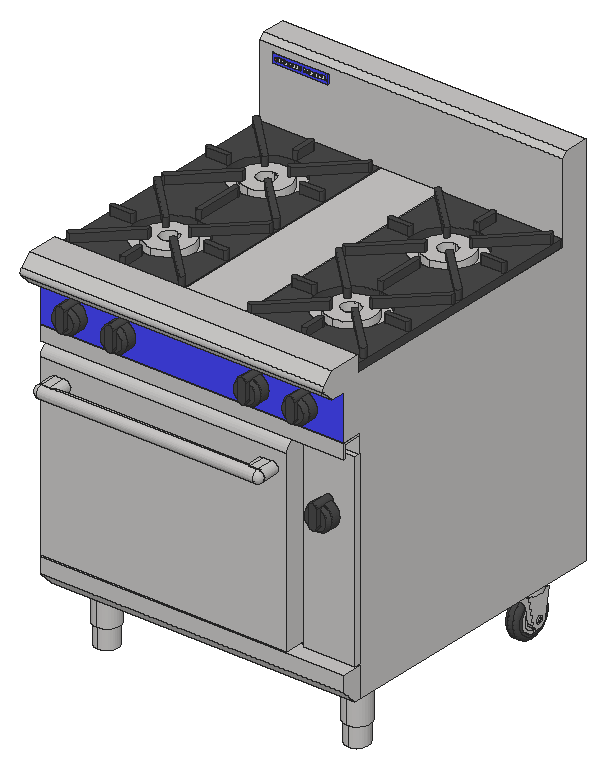
Revit family "QF_MOFFAT_BLUESEAL_CE_G54D", category Specialty Equipment, Revit 2012 (continued)
Lines and regions (mm)
  symbolic lines
    curve 139: arc (600, -180.5, 150) -> (543, -237.5, 150) -> (600, -294.5, 150) r 57
    curve 140: arc (600, -294.5, 150) -> (657, -237.5, 150) -> (600, -180.5, 150) r 57
    curve 141: arc (600, -259.5, 150) -> (578, -237.5, 150) -> (600, -215.5, 150) r 22
    curve 142: arc (600, -215.5, 150) -> (622, -237.5, 150) -> (600, -259.5, 150) r 22
    curve 143: line (149.988, -331.778, 0) -> (149.988, -448.358, 0)
    curve 144: line (150.034, -681.268, 0) -> (150.034, -628.558, 0)
    curve 145: line (9.26, -537.634, 0) -> (59.26, -537.634, 0)
    curve 146: line (178.593, -512.407, 0) -> (291.73, -399.27, 0)
    curve 147: line (291.767, -537.634, 0) -> (240.041, -537.634, 0)
    curve 148: arc (150, -480.5, 150) -> (207, -537.5, 150) -> (150, -594.5, 150) r 57
    curve 149: arc (150, -594.5, 150) -> (93, -537.5, 150) -> (150, -480.5, 150) r 57
    curve 150: arc (150, -622.768, 150) -> (235, -537.768, 150) -> (150, -452.768, 150) r 85
    curve 151: arc (150, -452.768, 150) -> (65, -537.768, 150) -> (150, -622.768, 150) r 85
    curve 152: arc (150, -515.5, 150) -> (128, -537.5, 150) -> (150, -559.5, 150) r 22
    curve 153: arc (150, -559.5, 150) -> (172, -537.5, 150) -> (150, -515.5, 150) r 22
    curve 154: line (121.407, -512.407, 0) -> (8.27, -399.27, 0)
    curve 155: line (178.593, -562.593, 0) -> (291.73, -675.73, 0)
    curve 156: line (121.407, -562.593, 0) -> (8.27, -675.73, 0)
    curve 157: line (150.034, -96.281, 0) -> (150.034, -149.16, 0)
    curve 158: line (178.593, -269.593, 0) -> (291.73, -382.73, 0)
    curve 159: line (121.407, -269.593, 0) -> (8.27, -382.73, 0)
    curve 160: line (9.26, -241, 0) -> (59.26, -241, 0)
    curve 161: line (291.767, -241, 0) -> (240.041, -241, 0)
    curve 162: arc (150, -322.5, 150) -> (235, -237.5, 150) -> (150, -152.5, 150) r 85
    curve 163: arc (150, -152.5, 150) -> (65, -237.5, 150) -> (150, -322.5, 150) r 85
    curve 164: arc (150, -180.5, 150) -> (207, -237.5, 150) -> (150, -294.5, 150) r 57
    curve 165: arc (150, -294.5, 150) -> (93, -237.5, 150) -> (150, -180.5, 150) r 57
    curve 166: arc (150, -259.5, 150) -> (172, -237.5, 150) -> (150, -215.5, 150) r 22
    curve 167: arc (150, -215.5, 150) -> (128, -237.5, 150) -> (150, -259.5, 150) r 22
    curve 168: line (178.593, -205.407, 0) -> (291.73, -92.27, 0)
    curve 169: line (121.407, -205.407, 0) -> (8.27, -92.27, 0)
    curve 170: line (32.794, -18.385, 150) -> (260.753, -18.385, 150)
    curve 171: arc (260.753, -18.385, 150) -> (265.753, -19.725, 150) -> (269.413, -23.385, 150) r 10
    curve 172: line (269.413, -23.385, 150) -> (273.455, -30.385, 150)
    curve 173: arc (273.455, -30.385, 150) -> (273.455, -40.385, 150) -> (264.794, -45.385, 150) r 10
    curve 174: line (264.794, -45.385, 150) -> (36.836, -45.385, 150)
    curve 175: arc (36.836, -45.385, 150) -> (31.836, -44.045, 150) -> (28.176, -40.385, 150) r 10
    curve 176: line (28.176, -40.385, 150) -> (24.134, -33.385, 150)
    curve 177: arc (24.134, -33.385, 150) -> (24.134, -23.385, 150) -> (32.794, -18.385, 150) r 10
    curve 178: line (710.753, -18.385, 150) -> (482.794, -18.385, 150)
    curve 179: arc (482.794, -18.385, 150) -> (474.134, -23.385, 150) -> (474.134, -33.385, 150) r 10
    curve 180: line (474.134, -33.385, 150) -> (478.176, -40.385, 150)
    curve 181: arc (478.176, -40.385, 150) -> (481.836, -44.045, 150) -> (486.836, -45.385, 150) r 10
    curve 182: line (486.836, -45.385, 150) -> (714.794, -45.385, 150)
    curve 183: arc (714.794, -45.385, 150) -> (723.455, -40.385, 150) -> (723.455, -30.385, 150) r 10
    curve 184: line (723.455, -30.385, 150) -> (719.413, -23.385, 150)
    curve 185: arc (719.413, -23.385, 150) -> (715.753, -19.725, 150) -> (710.753, -18.385, 150) r 10
    curve 186: line (0, -783.97, 150) -> (750, -783.97, 150)
    curve 187: line (0, -57.5, 150) -> (750, -57.5, 150)
  symbolic lines, style "QF_Door-Drawer Clearances", visible <- "Show Clearance"
    curve 116: line (0, -812, 0) -> (0, -1211.516, 0)
    curve 117: line (0, -1211.516, 0) -> (610, -1211.516, 0)
    curve 118: line (610, -1211.516, 0) -> (610, -812, 0)
Dimensions and locks
  equal spacing: plane 3 "LEFT", plane 7 "Center Y", plane 4 "RIGHT"
  "Width": plane 3 "LEFT" to plane 4 "RIGHT"
  equal spacing: plane 5 "FRONT", plane 8 "Center X", plane 1 "BACK"
  "Depth": plane 5 "FRONT" to plane 1 "BACK"
  equal spacing: plane 4 "RIGHT", plane 7 "Center Y", plane 3 "LEFT"
  plane 4 "RIGHT" to plane 3 "LEFT" = 750 mm
  plane 6 "TOP" to level = 970 mm  (x2)
  Extrusion 2 to level = 655 mm
  Extrusion 2 to plane 1 "BACK" = 32 mm
  plane 5 "FRONT" to plane 1 "BACK" = 812 mm
  Extrusion 1 to level = 915 mm
  plane 10 "Base Height" to level = 150 mm
  plane 6 "TOP" to plane 2 = 970 mm
  locked: plane 2 to Extrusion 1 sketch curve at 875
  locked: plane 2 to Extrusion 1 sketch curve at 915
  Extrusion 4 sketch curve to plane 11 = 64.8 mm
  locked: plane 13 to plane 4 "RIGHT" at 65
  plane 14 to Extrusion 9 sketch curve = 64.8 mm
  plane 1 "BACK" to plane 15 = 500 mm
  plane 17 to level = 1085 mm
  Extrusion 29 sketch curve to plane 1 "BACK" = 501 mm
  Extrusion 29 sketch curve to plane 4 "RIGHT" = 74 mm
  "Height": plane 17 to level
  Revolve 33 sketch curve to Revolve 33 sketch curve = 50.8 mm
  Revolve 37 sketch curve to Revolve 37 sketch curve = 50.8 mm
  aligned and locked: level to plane 2
  aligned and locked: curve 3 to plane 4 "RIGHT"
  aligned and locked: Extrusion 4 to curve 7
  aligned and locked: Extrusion 1 to plane 4 "RIGHT"
  aligned and locked: Revolve 6 to plane 13  (x5)
  aligned and locked: Extrusion 7 to Extrusion 4
Automatic sketch dimensions
  plane 12 to Extrusion 2 sketch curve = 0.062 mm
  plane 1 "BACK" to Extrusion 2 sketch curve = 32 mm
  Revolve 3 sketch curve to plane 10 "Base Height" = 0 mm
  Revolve 3 sketch curve to level = 0 mm
  level to Revolve 3 sketch curve = 50 mm
  Revolve 3 sketch curve to plane 5 "FRONT" = 155.25 mm
  Revolve 3 sketch curve to Revolve 3 sketch curve = 4.25 mm
  Revolve 3 sketch curve to Revolve 3 sketch curve = 27.5 mm  (x2)
  Revolve 3 sketch curve to Revolve 3 sketch curve = 55 mm
  Revolve 3 sketch curve to Revolve 3 sketch curve = 0 mm
  Revolve 6 sketch curve to plane 10 "Base Height" = 0 mm
  Revolve 6 sketch curve to level = 0 mm
  level to Revolve 6 sketch curve = 50 mm
  Revolve 6 sketch curve to plane 5 "FRONT" = 155.25 mm
  Revolve 6 sketch curve to Revolve 6 sketch curve = 4.25 mm
  Revolve 6 sketch curve to Revolve 6 sketch curve = 27.5 mm  (x2)
  Revolve 6 sketch curve to Revolve 6 sketch curve = 0 mm
  Revolve 6 sketch curve to Revolve 6 sketch curve = 55 mm
  plane 12 to Extrusion 8 sketch curve = 5 mm
  Extrusion 8 sketch curve to plane 6 "TOP" = 277.5 mm
  Extrusion 8 sketch curve to plane 12 = 10 mm
  plane 10 "Base Height" to Extrusion 8 sketch curve = 77.5 mm
  Revolve 10 sketch curve to plane 5 "FRONT" = 63 mm
  Revolve 10 sketch curve to Revolve 10 sketch curve = 10 mm
  Revolve 10 sketch curve to Revolve 10 sketch curve = 21.3 mm
  Revolve 10 sketch curve to Revolve 10 sketch curve = 23 mm
  Revolve 10 sketch curve to plane 5 "FRONT" = 19 mm
  Revolve 10 sketch curve to Revolve 10 sketch curve = 0 mm  (x2)
  Revolve 10 sketch curve to plane 6 "TOP" = 174 mm
  Revolve 10 sketch curve to Revolve 10 sketch curve = 5 mm
  Revolve 10 sketch curve to Revolve 10 sketch curve = 26.651 mm
  Revolve 10 sketch curve to Revolve 10 sketch curve = 5.849 mm
  Revolve 11 sketch curve to plane 5 "FRONT" = 19 mm
  Revolve 11 sketch curve to Revolve 11 sketch curve = 0 mm  (x2)
  Revolve 11 sketch curve to Revolve 11 sketch curve = 11 mm
  Revolve 11 sketch curve to Revolve 11 sketch curve = 12.7 mm
  Revolve 11 sketch curve to Revolve 11 sketch curve = 23 mm
  Revolve 11 sketch curve to Revolve 11 sketch curve = 10 mm
  Revolve 11 sketch curve to plane 6 "TOP" = 141.732 mm
  Revolve 11 sketch curve to Revolve 11 sketch curve = 5.849 mm
  Revolve 11 sketch curve to Revolve 11 sketch curve = 27.5 mm
  Revolve 11 sketch curve to Revolve 11 sketch curve = 5 mm
  plane 3 "LEFT" to Extrusion 12 sketch curve = 100 mm
  Extrusion 12 sketch curve to Extrusion 12 sketch curve = 10 mm
  Extrusion 12 sketch curve to plane 6 "TOP" = 147.105 mm
  Extrusion 12 sketch curve to Extrusion 12 sketch curve = 39 mm
  Extrusion 13 sketch curve to plane 7 "Center Y" = 153.818 mm
  Extrusion 13 sketch curve to Extrusion 13 sketch curve = 10 mm
  Extrusion 13 sketch curve to plane 6 "TOP" = 147.105 mm
  Extrusion 13 sketch curve to Extrusion 13 sketch curve = 39 mm
  Revolve 14 sketch curve to plane 5 "FRONT" = 63 mm
  Revolve 14 sketch curve to Revolve 14 sketch curve = 10 mm
  Revolve 14 sketch curve to Revolve 14 sketch curve = 21.3 mm
  Revolve 14 sketch curve to Revolve 14 sketch curve = 23 mm
  Revolve 14 sketch curve to plane 5 "FRONT" = 19 mm
  Revolve 14 sketch curve to Revolve 14 sketch curve = 0 mm  (x2)
  Revolve 14 sketch curve to plane 6 "TOP" = 141.5 mm
  Revolve 14 sketch curve to Revolve 14 sketch curve = 5.849 mm
  Revolve 14 sketch curve to Revolve 14 sketch curve = 27.5 mm
  Revolve 14 sketch curve to Revolve 14 sketch curve = 5 mm
  Revolve 15 sketch curve to plane 5 "FRONT" = 19 mm
  Revolve 15 sketch curve to Revolve 15 sketch curve = 0 mm  (x2)
  Revolve 15 sketch curve to Revolve 15 sketch curve = 11 mm
  Revolve 15 sketch curve to Revolve 15 sketch curve = 12.7 mm
  Revolve 15 sketch curve to Revolve 15 sketch curve = 23 mm
  Revolve 15 sketch curve to Revolve 15 sketch curve = 10 mm
  Revolve 15 sketch curve to plane 6 "TOP" = 174.232 mm
  Revolve 15 sketch curve to Revolve 15 sketch curve = 5 mm
  Revolve 15 sketch curve to Revolve 15 sketch curve = 26.651 mm
  Revolve 15 sketch curve to Revolve 15 sketch curve = 5.849 mm
  plane 16 to Extrusion 16 sketch curve = 26 mm
  Extrusion 16 sketch curve to Extrusion 16 sketch curve = 10 mm
  Extrusion 16 sketch curve to plane 6 "TOP" = 186.105 mm
  Extrusion 16 sketch curve to Extrusion 16 sketch curve = 39 mm
  Extrusion 17 sketch curve to plane 12 = 90 mm
  Extrusion 17 sketch curve to Extrusion 17 sketch curve = 10 mm
  Extrusion 17 sketch curve to plane 6 "TOP" = 186.105 mm
  Extrusion 17 sketch curve to Extrusion 17 sketch curve = 39 mm
  Revolve 18 sketch curve to plane 5 "FRONT" = 54.5 mm
  Revolve 18 sketch curve to Revolve 18 sketch curve = 0 mm  (x2)
  Revolve 18 sketch curve to Revolve 18 sketch curve = 11 mm
  Revolve 18 sketch curve to Revolve 18 sketch curve = 12.7 mm
  Revolve 18 sketch curve to Revolve 18 sketch curve = 23 mm
  Revolve 18 sketch curve to Revolve 18 sketch curve = 10 mm
  plane 10 "Base Height" to Revolve 18 sketch curve = 402.134 mm
  Revolve 18 sketch curve to Revolve 18 sketch curve = 5 mm
  Revolve 18 sketch curve to Revolve 18 sketch curve = 26.651 mm
  Revolve 18 sketch curve to Revolve 18 sketch curve = 5.849 mm
  Extrusion 19 sketch curve to plane 16 = 1.529 mm
  Extrusion 19 sketch curve to plane 13 = 2.529 mm
  plane 10 "Base Height" to Extrusion 19 sketch curve = 390.261 mm
  Extrusion 19 sketch curve to Extrusion 19 sketch curve = 39 mm
  Extrusion 20 sketch curve to plane 5 "FRONT" = 63 mm
  plane 10 "Base Height" to Extrusion 20 sketch curve = 77.5 mm
  plane 5 "FRONT" to Extrusion 20 sketch curve = 399.516 mm
  plane 13 to Extrusion 21 sketch curve = 4 mm
  Extrusion 21 sketch curve to plane 12 = 20 mm
  Extrusion 21 sketch curve to plane 12 = 68.5 mm
  Extrusion 21 sketch curve to plane 1 "BACK" = 30.24 mm
  plane 1 "BACK" to Extrusion 21 sketch curve = 38.76 mm
  plane 9 to Extrusion 21 sketch curve = 12.74 mm
  plane 3 "LEFT" to Extrusion 24 sketch curve = 58.528 mm
  Extrusion 24 sketch curve to plane 6 "TOP" = 361.875 mm  (x2)
  Extrusion 24 sketch curve to plane 12 = 67.243 mm
  Extrusion 24 sketch curve to Extrusion 24 sketch curve = 15 mm  (x2)
  Extrusion 24 sketch curve to Extrusion 24 sketch curve = 20.282 mm  (x2)
  Revolve 25 sketch curve to plane 3 "LEFT" = 6.961 mm
  plane 3 "LEFT" to Revolve 25 sketch curve = 23.246 mm
  Revolve 25 sketch curve to Revolve 25 sketch curve = 15 mm
  Revolve 25 sketch curve to plane 12 = 46.961 mm
  Revolve 25 sketch curve to Revolve 25 sketch curve = 0 mm  (x2)
  Revolve 25 sketch curve to plane 6 "TOP" = 346.875 mm
  Extrusion 26 sketch curve to plane 5 "FRONT" = 63 mm
  Extrusion 26 sketch curve to Extrusion 26 sketch curve = 26.195 mm
  Extrusion 26 sketch curve to Extrusion 26 sketch curve = 50 mm
  plane 10 "Base Height" to Extrusion 26 sketch curve = 77.5 mm
  Extrusion 26 sketch curve to plane 6 "TOP" = 303.695 mm
  Extrusion 27 sketch curve to plane 5 "FRONT" = 63 mm
  Extrusion 27 sketch curve to Extrusion 27 sketch curve = 3.02 mm
  Extrusion 27 sketch curve to Extrusion 27 sketch curve = 44.98 mm
  Extrusion 27 sketch curve to plane 6 "TOP" = 267 mm
  Extrusion 27 sketch curve to Extrusion 27 sketch curve = 32 mm
  Extrusion 27 sketch curve to Extrusion 27 sketch curve = 3 mm
  Extrusion 28 sketch curve to plane 5 "FRONT" = 63 mm
  plane 9 to Extrusion 9 sketch curve = 29 mm
  Extrusion 9 sketch curve to Extrusion 9 sketch curve = 3 mm  (x3)
  Extrusion 9 sketch curve to plane 12 = 20 mm  (x2)
  Extrusion 9 sketch curve to plane 9 = 137.5 mm
  Extrusion 9 sketch curve to plane 15 = 37.768 mm
  Extrusion 9 sketch curve to plane 5 "FRONT" = 110 mm  (x2)
  plane 7 "Center Y" to Extrusion 9 sketch curve = 78 mm
  plane 9 to Extrusion 4 sketch curve = 29 mm
  Extrusion 4 sketch curve to Extrusion 4 sketch curve = 3 mm  (x3)
  Extrusion 4 sketch curve to plane 9 = 137.5 mm
  Extrusion 4 sketch curve to plane 15 = 37.768 mm
  Extrusion 4 sketch curve to plane 5 "FRONT" = 110 mm  (x2)
  Extrusion 4 sketch curve to plane 11 = 84.2 mm  (x2)
  Extrusion 4 sketch curve to plane 7 "Center Y" = 78 mm
  curve 121 to curve 125 = 0 mm  (x2)
  curve 137 to curve 139 = 0 mm  (x2)
  curve 137 to curve 141 = 0 mm  (x2)
  curve 148 to curve 152 = 0 mm
  curve 149 to curve 153 = 0 mm
  curve 163 to curve 165 = 0 mm  (x2)
  curve 163 to curve 166 = 0 mm
  curve 163 to curve 167 = 0 mm
  curve 121 to plane 12 = 20 mm
  curve 123 to curve 121 = 0 mm
  curve 137 to plane 12 = 20 mm
  curve 148 to plane 15 = 37.5 mm
  plane 3 "LEFT" to curve 148 = 150 mm
  curve 150 to curve 148 = 0 mm
  plane 3 "LEFT" to curve 162 = 150 mm
  curve 126 to plane 15 = 37.5 mm
  curve 152 to plane 15 = 15.5 mm
  curve 125 to plane 15 = 15.5 mm
  plane 15 to curve 122 = 19.5 mm
  plane 15 to curve 149 = 19.5 mm
  curve 151 to curve 148 = 27.732 mm
  curve 124 to curve 121 = 27.732 mm
  plane 8 "Center X" to curve 163 = 83.5 mm
  plane 8 "Center X" to curve 137 = 83.5 mm
  curve 140 to curve 137 = 28 mm
  curve 164 to curve 162 = 28 mm
  curve 142 to curve 139 = 35 mm
  curve 166 to curve 164 = 35 mm
  curve 139 to curve 142 = 22 mm
  curve 164 to curve 166 = 22 mm
  curve 121 to curve 123 = 0.268 mm
  curve 148 to curve 151 = 0.268 mm
  plane 1 "BACK" to curve 1 = 0 mm
  curve 1 to plane 3 "LEFT" = 0 mm
  curve 34 to plane 7 "Center Y" = 0 mm
  curve 100 to plane 7 "Center Y" = 0 mm
  curve 46 to plane 7 "Center Y" = 0 mm
  curve 94 to plane 7 "Center Y" = 0 mm
  curve 29 to plane 7 "Center Y" = 0 mm
  curve 106 to plane 7 "Center Y" = 0 mm
  curve 52 to plane 7 "Center Y" = 0 mm
  curve 23 to plane 7 "Center Y" = 0 mm
  curve 89 to plane 7 "Center Y" = 0 mm
  curve 58 to plane 7 "Center Y" = 0 mm
  curve 40 to plane 7 "Center Y" = 0 mm
  curve 17 to plane 7 "Center Y" = 0 mm
  curve 11 to plane 7 "Center Y" = 0 mm
  curve 64 to plane 7 "Center Y" = 0 mm
  curve 83 to plane 7 "Center Y" = 0 mm
  curve 70 to plane 7 "Center Y" = 0 mm
  curve 76 to plane 7 "Center Y" = 0 mm
  plane 5 "FRONT" to curve 118 = 0 mm
  plane 3 "LEFT" to curve 156 = 8.27 mm
  plane 3 "LEFT" to curve 159 = 8.27 mm
  plane 3 "LEFT" to curve 169 = 8.27 mm
  plane 3 "LEFT" to curve 154 = 8.27 mm
  plane 3 "LEFT" to curve 160 = 9.26 mm
  plane 3 "LEFT" to curve 145 = 9.26 mm
  curve 145 to curve 145 = 50 mm
  curve 160 to curve 160 = 50 mm
  curve 145 to curve 156 = 62.147 mm
  curve 160 to curve 159 = 62.147 mm
  curve 169 to curve 159 = 0 mm
  curve 154 to plane 15 = 12.407 mm
  curve 154 to curve 156 = 0 mm
  curve 154 to curve 143 = 28.581 mm
  curve 156 to curve 144 = 28.628 mm
  curve 169 to curve 157 = 28.628 mm
  curve 159 to curve 158 = 57.187 mm
  curve 169 to curve 168 = 57.187 mm
  curve 155 to plane 15 = 62.593 mm
  curve 156 to curve 155 = 57.187 mm
  curve 146 to plane 15 = 12.407 mm
  curve 146 to curve 155 = 0 mm
  curve 155 to curve 147 = 61.447 mm
  curve 158 to curve 161 = 61.447 mm
  plane 8 "Center X" to curve 158 = 23.27 mm
  curve 158 to curve 7 = 8.27 mm
  curve 155 to curve 119 = 8.27 mm
  plane 8 "Center X" to curve 146 = 6.73 mm
  curve 146 to curve 7 = 8.27 mm  (x2)
  plane 9 to curve 168 = 7.73 mm
  curve 168 to curve 119 = 8.27 mm
  curve 161 to curve 161 = 51.727 mm
  curve 147 to curve 147 = 51.727 mm
  curve 69 to plane 7 "Center Y" = 47.424 mm
  curve 147 to curve 81 = 35.809 mm
  plane 15 to curve 74 = 10.963 mm
  curve 74 to curve 68 = 0 mm
  curve 8 to plane 9 = 15.037 mm
  curve 168 to curve 8 = 35.846 mm
  curve 86 to curve 80 = 0 mm
  curve 63 to curve 68 = 0 mm
  curve 14 to curve 8 = 0 mm
  plane 8 "Center X" to curve 57 = 10.963 mm
  curve 57 to curve 62 = 0 mm
  curve 20 to curve 14 = 0 mm
  curve 92 to curve 86 = 0 mm
  curve 51 to curve 56 = 0 mm
  curve 155 to curve 105 = 35.846 mm
  curve 26 to curve 20 = 0 mm
  curve 45 to curve 50 = 0 mm
  curve 32 to curve 26 = 0 mm
  curve 98 to curve 104 = 0 mm
  curve 39 to curve 44 = 0 mm
  curve 67 to plane 8 "Center X" = 23.037 mm
  curve 64 to curve 67 = 47.424 mm
  curve 84 to plane 15 = 23.037 mm
  curve 82 to curve 84 = 47.424 mm
  curve 61 to curve 66 = 0 mm
  curve 55 to curve 60 = 0 mm
  curve 90 to curve 84 = 0 mm
  curve 49 to curve 54 = 0 mm
  curve 43 to curve 48 = 0 mm
  curve 96 to curve 90 = 0 mm
  curve 72 to curve 66 = 0 mm
  curve 37 to curve 42 = 0 mm
  curve 31 to curve 36 = 0 mm
  curve 102 to curve 96 = 0 mm
  curve 25 to curve 30 = 0 mm
  curve 19 to curve 24 = 0 mm
  curve 108 to curve 102 = 0 mm
  plane 15 to curve 78 = 10.963 mm
  curve 78 to curve 84 = 0 mm
  curve 12 to curve 18 = 0 mm
  curve 84 to curve 115 = 35.809 mm
  curve 36 to curve 136 = 35.809 mm
  plane 8 "Center X" to curve 131 = 23.27 mm
  curve 114 to curve 131 = 8.27 mm
  plane 8 "Center X" to curve 113 = 6.73 mm
  curve 114 to curve 113 = 8.27 mm
  plane 9 to curve 133 = 7.73 mm
  curve 120 to curve 133 = 8.27 mm
  curve 120 to curve 128 = 8.27 mm
  curve 115 to curve 115 = 51.727 mm
  curve 136 to curve 136 = 51.727 mm
  curve 133 to plane 12 = 48.593 mm
  curve 113 to plane 15 = 12.407 mm
  curve 113 to plane 12 = 48.593 mm
  curve 131 to plane 12 = 48.593 mm
  curve 128 to plane 12 = 48.593 mm
  plane 9 to curve 130 = 3.719 mm
  curve 130 to plane 12 = 20.034 mm
  curve 111 to plane 12 = 20.034 mm
  curve 110 to plane 12 = 19.988 mm
  curve 117 to plane 12 = 10 mm
  plane 12 to curve 127 = 8.593 mm
  plane 12 to curve 132 = 8.593 mm
  plane 12 to curve 134 = 8.593 mm
  plane 12 to curve 129 = 8.593 mm
  curve 112 to plane 13 = 5.74 mm
  curve 135 to plane 13 = 5.74 mm
  plane 4 "RIGHT" to curve 135 = 9.26 mm
  plane 4 "RIGHT" to curve 112 = 9.26 mm
  plane 4 "RIGHT" to curve 129 = 8.27 mm
  plane 4 "RIGHT" to curve 127 = 8.27 mm
  plane 4 "RIGHT" to curve 132 = 8.27 mm
  plane 4 "RIGHT" to curve 134 = 8.27 mm
  curve 116 to curve 1 = 399.516 mm
  curve 5 to plane 5 "FRONT" = 107 mm
  curve 119 to plane 5 "FRONT" = 107 mm
  curve 120 to plane 5 "FRONT" = 107 mm
  curve 111 to plane 5 "FRONT" = 130.732 mm
  curve 144 to curve 155 = 118.675 mm
  curve 119 to curve 155 = 29.27 mm
  curve 120 to curve 128 = 29.27 mm
  curve 5 to curve 129 = 29.27 mm
  curve 5 to curve 156 = 29.27 mm
  curve 155 to curve 104 = 8.693 mm
  curve 104 to curve 106 = 0 mm
  curve 128 to curve 108 = 8.693 mm
  curve 104 to curve 105 = 8 mm
  curve 108 to curve 109 = 8 mm
  curve 106 to curve 106 = 8 mm
  curve 108 to curve 102 = 18 mm
  curve 106 to curve 100 = 18 mm
  curve 104 to curve 98 = 18 mm
  curve 144 to curve 144 = 52.71 mm
  curve 111 to curve 111 = 52.71 mm
  curve 100 to curve 100 = 8 mm
  curve 98 to curve 99 = 8 mm
  curve 102 to curve 103 = 8 mm
  curve 102 to curve 96 = 18 mm
  curve 100 to curve 94 = 18 mm
  curve 98 to curve 93 = 18 mm
  curve 92 to curve 93 = 8 mm
  curve 96 to curve 97 = 8 mm
  curve 94 to curve 94 = 8 mm
  curve 96 to curve 90 = 18 mm
  curve 94 to curve 89 = 18 mm
  curve 92 to curve 86 = 18 mm
  curve 128 to curve 113 = 50.187 mm
  curve 156 to curve 154 = 50.187 mm
  curve 128 to curve 129 = 0 mm
  curve 90 to curve 90 = 8 mm
  curve 88 to curve 88 = 8 mm
  curve 86 to curve 87 = 8 mm
  curve 86 to curve 147 = 11.403 mm
  curve 112 to plane 15 = 37.634 mm
  curve 145 to plane 15 = 37.634 mm
  curve 90 to curve 115 = 11.403 mm
  curve 86 to curve 80 = 18 mm
  curve 88 to curve 83 = 18 mm
  curve 85 to curve 84 = 8 mm
  curve 82 to curve 83 = 8 mm
  curve 80 to curve 81 = 8 mm
  curve 127 to plane 15 = 12.407 mm
  plane 15 to curve 79 = 2.963 mm
  plane 15 to curve 74 = 2.963 mm
  plane 15 to curve 77 = 2.963 mm
  curve 76 to curve 77 = 8 mm
  curve 78 to curve 72 = 18 mm
  curve 76 to curve 71 = 18 mm
  curve 74 to curve 69 = 18 mm
  curve 70 to curve 71 = 8 mm
  curve 68 to curve 69 = 8 mm
  curve 72 to curve 72 = 8 mm
  curve 110 to plane 8 "Center X" = 42.358 mm
  curve 143 to plane 8 "Center X" = 42.358 mm
  curve 70 to curve 65 = 18 mm
  curve 68 to curve 62 = 18 mm
  curve 62 to curve 63 = 8 mm
  curve 66 to curve 67 = 8 mm
  curve 64 to curve 64 = 8 mm
  plane 8 "Center X" to curve 154 = 6.73 mm
  plane 8 "Center X" to curve 127 = 6.73 mm
  plane 8 "Center X" to curve 59 = 10.963 mm
  plane 8 "Center X" to curve 60 = 10.963 mm
  curve 127 to curve 114 = 8.27 mm
  curve 56 to curve 56 = 8 mm
  curve 60 to curve 61 = 8 mm
  curve 58 to curve 59 = 8 mm
  curve 114 to curve 132 = 8.27 mm
  curve 7 to curve 159 = 8.27 mm
  curve 60 to curve 54 = 18 mm
  curve 56 to curve 50 = 18 mm
  curve 58 to curve 53 = 18 mm
  curve 54 to curve 54 = 8 mm
  curve 50 to curve 51 = 8 mm
  curve 52 to curve 53 = 8 mm
  plane 8 "Center X" to curve 143 = 74.222 mm
  curve 50 to curve 44 = 18 mm
  curve 52 to curve 46 = 18 mm
  curve 54 to curve 49 = 18 mm
  plane 8 "Center X" to curve 110 = 80 mm
  curve 44 to curve 44 = 8 mm
  curve 48 to curve 49 = 8 mm
  curve 46 to curve 46 = 8 mm
  curve 48 to curve 43 = 18 mm
  curve 46 to curve 40 = 18 mm
  curve 44 to curve 38 = 18 mm
  curve 42 to curve 43 = 8 mm
  curve 40 to curve 41 = 8 mm
  curve 38 to curve 38 = 8 mm
  curve 110 to curve 131 = 56.407 mm
  curve 143 to curve 159 = 62.185 mm
  curve 131 to curve 132 = 0 mm
  curve 159 to curve 158 = 0 mm
  curve 40 to curve 35 = 18 mm
  curve 38 to curve 33 = 18 mm
  curve 42 to curve 36 = 18 mm
  curve 36 to curve 36 = 8 mm
  curve 32 to curve 32 = 8 mm
  curve 34 to curve 34 = 8 mm
  curve 158 to curve 161 = 28.593 mm
  curve 132 to curve 135 = 28.593 mm
  curve 36 to curve 136 = 2.037 mm
  curve 159 to curve 160 = 28.593 mm
  curve 34 to curve 28 = 18 mm
  curve 32 to curve 26 = 18 mm
  curve 36 to curve 31 = 18 mm
  curve 30 to curve 31 = 8 mm
  curve 26 to curve 27 = 8 mm
  curve 28 to curve 29 = 8 mm
  curve 159 to curve 169 = 64.187 mm
  curve 132 to curve 134 = 64.187 mm
  curve 133 to curve 134 = 0 mm
  curve 169 to curve 168 = 0 mm
  curve 26 to curve 20 = 18 mm
  curve 28 to curve 22 = 18 mm
  curve 30 to curve 24 = 18 mm
  curve 20 to curve 21 = 8 mm
  curve 24 to curve 25 = 8 mm
  curve 22 to curve 22 = 8 mm
  curve 24 to curve 18 = 18 mm
  curve 20 to curve 15 = 18 mm
  curve 22 to curve 16 = 18 mm
  curve 130 to plane 9 = 49.16 mm
  curve 157 to plane 9 = 49.16 mm
  curve 18 to curve 19 = 8 mm
  curve 14 to curve 14 = 8 mm
  curve 16 to curve 17 = 8 mm
  curve 8 to curve 8 = 8 mm
  curve 16 to curve 10 = 18 mm
  curve 18 to curve 12 = 18 mm
  curve 10 to curve 10 = 8 mm
  curve 12 to curve 13 = 8 mm
  plane 9 to curve 157 = 3.719 mm
  plane 9 to curve 169 = 7.73 mm
  plane 9 to curve 134 = 7.73 mm
  curve 133 to curve 120 = 18.27 mm
  curve 168 to curve 119 = 22.27 mm
  Extrusion 1 sketch curve to plane 10 "Base Height" = 0 mm
  Extrusion 1 sketch curve to plane 17 = 0 mm
  Extrusion 1 sketch curve to plane 1 "BACK" = 0 mm
  plane 9 to Extrusion 1 sketch curve = 42.5 mm
  Extrusion 1 sketch curve to Extrusion 1 sketch curve = 12.5 mm
  Extrusion 1 sketch curve to plane 5 "FRONT" = 107 mm
  Extrusion 1 sketch curve to plane 5 "FRONT" = 113 mm
  Extrusion 1 sketch curve to Extrusion 1 sketch curve = 50 mm
  Extrusion 1 sketch curve to plane 5 "FRONT" = 28.03 mm
  Extrusion 1 sketch curve to plane 5 "FRONT" = 27.03 mm
  Extrusion 1 sketch curve to plane 5 "FRONT" = 12.032 mm
  Extrusion 1 sketch curve to plane 5 "FRONT" = 3.531 mm  (x2)
  Extrusion 1 sketch curve to Extrusion 1 sketch curve = 135 mm
  Extrusion 1 sketch curve to Extrusion 1 sketch curve = 25 mm
  Extrusion 1 sketch curve to Extrusion 1 sketch curve = 23.499 mm
  Extrusion 1 sketch curve to Extrusion 1 sketch curve = 8.501 mm
  Extrusion 1 sketch curve to plane 17 = 12.5 mm
  Extrusion 1 to Extrusion 7 sketch curve = 0 mm
  Extrusion 7 sketch curve to Extrusion 1 = 1 mm
  Extrusion 1 to Extrusion 7 sketch curve = 300 mm
  Extrusion 7 sketch curve to Extrusion 7 sketch curve = 150 mm
  Split face 1 sketch curve to Extrusion 7 = 45.037 mm
  Split face 1 sketch curve to Extrusion 7 = 27.576 mm
  Split face 2 sketch curve to Extrusion 7 = 45.037 mm
  Split face 2 sketch curve to Extrusion 7 = 75 mm
  Split face 3 sketch curve to Extrusion 7 = 45.037 mm
  Split face 3 sketch curve to Extrusion 7 = 27.576 mm
  Split face 4 sketch curve to Extrusion 7 = 27.576 mm
  Split face 4 sketch curve to Extrusion 7 = 79.037 mm
  Split face 5 sketch curve to Extrusion 7 = 79.037 mm
  Split face 5 sketch curve to Extrusion 7 = 75 mm
  Split face 6 sketch curve to Extrusion 7 = 27.576 mm
  Split face 6 sketch curve to Extrusion 7 = 79.037 mm
  Split face 7 sketch curve to Extrusion 7 = 27.576 mm
  Split face 7 sketch curve to Extrusion 7 = 113.037 mm
  Split face 8 sketch curve to Extrusion 7 = 113.037 mm
  Split face 8 sketch curve to Extrusion 7 = 75 mm
  Split face 9 sketch curve to Extrusion 7 = 27.576 mm
  Split face 9 sketch curve to Extrusion 7 = 113.037 mm
  Split face 10 sketch curve to Extrusion 7 = 27.576 mm
  Split face 10 sketch curve to Extrusion 7 = 147.037 mm
  Split face 11 sketch curve to Extrusion 7 = 147.037 mm
  Split face 11 sketch curve to Extrusion 7 = 75 mm
  Split face 12 sketch curve to Extrusion 7 = 27.576 mm
  Split face 12 sketch curve to Extrusion 7 = 147.037 mm
  Split face 13 sketch curve to Extrusion 7 = 27.576 mm
  Split face 13 sketch curve to Extrusion 7 = 181.037 mm
  Split face 14 sketch curve to Extrusion 7 = 75 mm
  Split face 14 sketch curve to Extrusion 7 = 181.037 mm
  Split face 15 sketch curve to Extrusion 7 = 27.576 mm
  Split face 15 sketch curve to Extrusion 7 = 181.037 mm
  Split face 16 sketch curve to Extrusion 7 = 27.576 mm
  Split face 16 sketch curve to Extrusion 7 = 215.037 mm
  Split face 17 sketch curve to Extrusion 7 = 75 mm
  Split face 17 sketch curve to Extrusion 7 = 215.037 mm
  Split face 18 sketch curve to Extrusion 7 = 27.576 mm
  Split face 18 sketch curve to Extrusion 7 = 215.037 mm
  Split face 19 sketch curve to Extrusion 7 = 27.576 mm
  Split face 19 sketch curve to Extrusion 7 = 249.037 mm
  Split face 20 sketch curve to Extrusion 7 = 75 mm
  Split face 20 sketch curve to Extrusion 7 = 249.037 mm
  Split face 21 sketch curve to Extrusion 7 = 27.576 mm
  Split face 21 sketch curve to Extrusion 7 = 249.037 mm
  Split face 22 sketch curve to Extrusion 7 = 27.576 mm
  Split face 22 sketch curve to Extrusion 7 = 283.037 mm
  Split face 23 sketch curve to Extrusion 7 = 75 mm
  Split face 23 sketch curve to Extrusion 7 = 283.037 mm
  Split face 24 sketch curve to Extrusion 7 = 27.576 mm
  Split face 24 sketch curve to Extrusion 7 = 283.037 mm
  Split face 25 sketch curve to Extrusion 7 = 27.576 mm
  Split face 25 sketch curve to Extrusion 7 = 316.963 mm
  Split face 26 sketch curve to Extrusion 7 = 75 mm
  Split face 26 sketch curve to Extrusion 7 = 316.963 mm
  Split face 27 sketch curve to Extrusion 7 = 27.576 mm
  Split face 27 sketch curve to Extrusion 7 = 316.963 mm
  Split face 28 sketch curve to Extrusion 7 = 27.576 mm
  Split face 28 sketch curve to Extrusion 7 = 282.963 mm
  Split face 29 sketch curve to Extrusion 7 = 75 mm
  Split face 29 sketch curve to Extrusion 7 = 282.963 mm
  Split face 30 sketch curve to Extrusion 7 = 27.576 mm
  Split face 30 sketch curve to Extrusion 7 = 282.963 mm
  Split face 31 sketch curve to Extrusion 7 = 27.576 mm
  Split face 31 sketch curve to Extrusion 7 = 248.963 mm
  Split face 32 sketch curve to Extrusion 7 = 75 mm
  Split face 32 sketch curve to Extrusion 7 = 248.963 mm
  Split face 33 sketch curve to Extrusion 7 = 27.576 mm
  Split face 33 sketch curve to Extrusion 7 = 248.963 mm
  Split face 34 sketch curve to Extrusion 7 = 27.576 mm
  Split face 34 sketch curve to Extrusion 7 = 214.963 mm
  Split face 35 sketch curve to Extrusion 7 = 75 mm
  Split face 35 sketch curve to Extrusion 7 = 214.963 mm
  Split face 36 sketch curve to Extrusion 7 = 27.576 mm
  Split face 36 sketch curve to Extrusion 7 = 214.963 mm
  Split face 37 sketch curve to Extrusion 7 = 27.576 mm
  Split face 37 sketch curve to Extrusion 7 = 180.963 mm
  Split face 38 sketch curve to Extrusion 7 = 75 mm
  Split face 38 sketch curve to Extrusion 7 = 180.963 mm
  Split face 39 sketch curve to Extrusion 7 = 27.576 mm
  Split face 39 sketch curve to Extrusion 7 = 180.963 mm
  Split face 40 sketch curve to Extrusion 7 = 27.576 mm
  Split face 40 sketch curve to Extrusion 7 = 146.963 mm
  Split face 41 sketch curve to Extrusion 7 = 146.963 mm
  Split face 41 sketch curve to Extrusion 7 = 75 mm
  Split face 42 sketch curve to Extrusion 7 = 27.576 mm
  Split face 42 sketch curve to Extrusion 7 = 146.963 mm
  Split face 43 sketch curve to Extrusion 7 = 27.576 mm
  Split face 43 sketch curve to Extrusion 7 = 112.963 mm
  Split face 44 sketch curve to Extrusion 7 = 112.963 mm
  Split face 44 sketch curve to Extrusion 7 = 75 mm
  Split face 45 sketch curve to Extrusion 7 = 27.576 mm
  Split face 45 sketch curve to Extrusion 7 = 112.963 mm
  Split face 46 sketch curve to Extrusion 7 = 27.576 mm
  Split face 46 sketch curve to Extrusion 7 = 78.963 mm
  Split face 47 sketch curve to Extrusion 7 = 78.963 mm
  Split face 47 sketch curve to Extrusion 7 = 75 mm
  Split face 48 sketch curve to Extrusion 7 = 27.576 mm
  Split face 48 sketch curve to Extrusion 7 = 78.963 mm
  Split face 49 sketch curve to Extrusion 7 = 44.963 mm
  Split face 49 sketch curve to Extrusion 7 = 27.576 mm
  Split face 50 sketch curve to Extrusion 7 = 44.963 mm
  Split face 50 sketch curve to Extrusion 7 = 75 mm
  Split face 51 sketch curve to Extrusion 7 = 44.963 mm
  Split face 51 sketch curve to Extrusion 7 = 27.576 mm
  plane 4 "RIGHT" to Extrusion 22 sketch curve = 0 mm
  Extrusion 22 sketch curve to plane 6 "TOP" = 270 mm
  plane 12 to Extrusion 22 sketch curve = 5 mm
  plane 10 "Base Height" to Extrusion 22 sketch curve = 77.5 mm
  Extrusion 23 sketch curve to Extrusion 23 sketch curve = 0 mm  (x8)
  Extrusion 1 to Extrusion 23 sketch curve = 167.5 mm  (x2)
  Extrusion 23 sketch curve to Extrusion 1 = 167.5 mm  (x2)
  Extrusion 1 to Extrusion 23 sketch curve = 150 mm  (x4)
  Extrusion 5 sketch curve to Extrusion 4 = 19.102 mm  (x4)
  Extrusion 5 sketch curve to Extrusion 5 sketch curve = 4.525 mm  (x32)
  Extrusion 5 sketch curve to Extrusion 4 = 27.593 mm  (x2)
  Extrusion 5 sketch curve to Extrusion 5 sketch curve = 48.456 mm  (x8)
  Extrusion 5 sketch curve to Extrusion 5 sketch curve = 50.976 mm  (x2)
  Extrusion 5 sketch curve to Extrusion 5 sketch curve = 0 mm  (x8)
  Extrusion 5 sketch curve to Extrusion 5 sketch curve = 27.39 mm  (x4)
  Extrusion 5 sketch curve to Extrusion 4 = 9.156 mm  (x2)
  Extrusion 5 sketch curve to Extrusion 5 sketch curve = 6.4 mm  (x14)
  Extrusion 5 sketch curve to Extrusion 5 sketch curve = 20.658 mm  (x4)
  Extrusion 5 sketch curve to Extrusion 5 sketch curve = 55.923 mm  (x2)
  Extrusion 5 sketch curve to Extrusion 4 = 5.102 mm  (x3)
  Extrusion 5 sketch curve to Extrusion 5 sketch curve = 128.581 mm  (x4)
  Extrusion 4 to Extrusion 5 sketch curve = 156.102 mm  (x3)
  Extrusion 5 sketch curve to Extrusion 4 = 6.102 mm  (x2)
  Extrusion 5 sketch curve to Extrusion 4 = 14.153 mm
  Extrusion 5 sketch curve to Extrusion 5 sketch curve = 12.205 mm  (x4)
  Extrusion 5 sketch curve to Extrusion 5 sketch curve = 112.454 mm  (x2)
  Extrusion 5 sketch curve to Extrusion 5 sketch curve = 59.673 mm  (x2)
  Extrusion 5 sketch curve to Extrusion 5 sketch curve = 17.024 mm  (x4)
  Extrusion 5 sketch curve to Extrusion 5 sketch curve = 46.847 mm  (x4)
  Extrusion 5 sketch curve to Extrusion 5 sketch curve = 62.169 mm  (x2)
  Extrusion 5 sketch curve to Extrusion 4 = 36.153 mm  (x4)
  Extrusion 5 sketch curve to Extrusion 4 = 23.4 mm  (x2)
  Extrusion 5 sketch curve to Extrusion 5 sketch curve = 55.413 mm  (x5)
  Extrusion 5 sketch curve to Extrusion 5 sketch curve = 20.524 mm  (x6)
  Extrusion 5 sketch curve to Extrusion 5 sketch curve = 53.847 mm  (x8)
  Extrusion 5 sketch curve to Extrusion 4 = 58.364 mm  (x2)
  Extrusion 5 sketch curve to Extrusion 4 = 15.153 mm
  Extrusion 5 sketch curve to Extrusion 4 = 9.908 mm  (x2)
  Extrusion 5 sketch curve to Extrusion 5 sketch curve = 9.051 mm
  Extrusion 5 sketch curve to Extrusion 5 sketch curve = 3.806 mm  (x2)
  Extrusion 5 sketch curve to Extrusion 5 sketch curve = 55.661 mm  (x3)
  Extrusion 5 sketch curve to Extrusion 5 sketch curve = 128.447 mm  (x3)
  curve 12 to curve 120 = 27.576 mm
  Split face 52 sketch curve to cut or joined group of Extrusion 1, Extrusion 8, Extrusion 21, Extrusion 22 = 27.115 mm
  Split face 52 sketch curve to cut or joined group of Extrusion 1, Extrusion 8, Extrusion 21, Extrusion 22 = 476.545 mm
  Split face 52 sketch curve to cut or joined group of Extrusion 1, Extrusion 8, Extrusion 21, Extrusion 22 = 23.385 mm
  Split face 52 sketch curve to Split face 52 sketch curve = 4.041 mm  (x4)
  Split face 52 sketch curve to Split face 52 sketch curve = 8.66 mm  (x2)
  Split face 52 sketch curve to cut or joined group of Extrusion 1, Extrusion 8, Extrusion 21, Extrusion 22 = 22.115 mm
  Split face 52 sketch curve to Split face 52 sketch curve = 223.917 mm
  Split face 52 sketch curve to cut or joined group of Extrusion 1, Extrusion 8, Extrusion 21, Extrusion 22 = 17.115 mm
  Split face 52 sketch curve to Split face 52 sketch curve = 17 mm
  Split face 52 sketch curve to Split face 52 sketch curve = 7 mm
  Split face 53 sketch curve to cut or joined group of Extrusion 1, Extrusion 8, Extrusion 21, Extrusion 22 = 27.115 mm
  Split face 53 sketch curve to cut or joined group of Extrusion 1, Extrusion 8, Extrusion 21, Extrusion 22 = 26.545 mm
  Split face 53 sketch curve to cut or joined group of Extrusion 1, Extrusion 8, Extrusion 21, Extrusion 22 = 23.385 mm
  Split face 53 sketch curve to Split face 53 sketch curve = 4.041 mm  (x4)
  Split face 53 sketch curve to Split face 53 sketch curve = 8.66 mm  (x2)
  Split face 53 sketch curve to cut or joined group of Extrusion 1, Extrusion 8, Extrusion 21, Extrusion 22 = 22.115 mm
  Split face 53 sketch curve to Split face 53 sketch curve = 223.917 mm
  Split face 53 sketch curve to cut or joined group of Extrusion 1, Extrusion 8, Extrusion 21, Extrusion 22 = 17.115 mm
  Split face 53 sketch curve to Split face 53 sketch curve = 17 mm
  Split face 53 sketch curve to Split face 53 sketch curve = 7 mm
  plane 1 "BACK" to curve 172 = 30.385 mm
  curve 172 to plane 7 "Center Y" = 101.545 mm
  plane 1 "BACK" to curve 172 = 23.385 mm
  curve 172 to curve 172 = 4.041 mm
  curve 172 to curve 173 = 8.66 mm
  curve 172 to curve 171 = 8.66 mm
  plane 3 "LEFT" to curve 174 = 36.836 mm
  curve 175 to curve 170 = 4.041 mm
  curve 174 to curve 175 = 8.66 mm
  curve 176 to curve 177 = 4.041 mm
  plane 1 "BACK" to curve 170 = 18.385 mm
  curve 170 to curve 177 = 10 mm
  curve 171 to curve 173 = 7 mm
  curve 177 to curve 175 = 7 mm
  curve 178 to plane 13 = 25.753 mm
  curve 183 to curve 185 = 4.041 mm  (x2)
  curve 185 to curve 185 = 8.66 mm
  plane 1 "BACK" to curve 181 = 35.385 mm
  plane 7 "Center Y" to curve 181 = 111.836 mm
  curve 181 to curve 179 = 4.041 mm
  curve 182 to curve 181 = 8.66 mm
  plane 1 "BACK" to curve 180 = 33.385 mm
  curve 180 to curve 180 = 4.041 mm
  plane 1 "BACK" to curve 185 = 18.385 mm
  curve 185 to curve 184 = 5 mm
  curve 185 to curve 183 = 7 mm  (x2)
  Extrusion 30 sketch curve to plane 9 = 0 mm
  Extrusion 30 sketch curve to plane 9 = 19.393 mm
  Extrusion 30 sketch curve to plane 9 = 31.75 mm
  plane 9 to Extrusion 30 sketch curve = 19.393 mm
  plane 9 to Extrusion 30 sketch curve = 31.75 mm
  level to Extrusion 30 sketch curve = 45.111 mm
  Extrusion 30 sketch curve to Extrusion 30 sketch curve = 4.889 mm
  Extrusion 30 sketch curve to plane 10 "Base Height" = 40 mm
  Revolve 31 sketch curve to plane 10 "Base Height" = 0 mm
  Revolve 31 sketch curve to plane 9 = 0 mm  (x2)
  Revolve 31 sketch curve to Revolve 31 sketch curve = 35.75 mm
  Revolve 31 sketch curve to plane 10 "Base Height" = 40 mm
  level to Revolve 31 sketch curve = 50 mm
  Revolve 31 sketch curve to level = 55 mm
  Revolve 32 sketch curve to plane 10 "Base Height" = 0 mm
  Revolve 32 sketch curve to plane 9 = 0 mm  (x2)
  Revolve 32 sketch curve to plane 9 = 35.75 mm
  Revolve 32 sketch curve to plane 10 "Base Height" = 40 mm
  level to Revolve 32 sketch curve = 50 mm
  Revolve 32 sketch curve to level = 55 mm
  plane 16 to Revolve 33 sketch curve = 25.382 mm
  Revolve 33 sketch curve to Revolve 33 sketch curve = 1.27 mm  (x4)
  Revolve 33 sketch curve to Revolve 33 sketch curve = 1.524 mm  (x2)
  plane 16 to Revolve 33 sketch curve = 10.442 mm
  plane 16 to Revolve 33 sketch curve = 7.68 mm
  Revolve 33 sketch curve to Revolve 33 sketch curve = 0.794 mm  (x2)
  Revolve 33 sketch curve to Revolve 33 sketch curve = 3.57 mm
  Revolve 33 sketch curve to Revolve 33 sketch curve = 2.143 mm
  Revolve 33 sketch curve to plane 16 = 2.639 mm
  Revolve 33 sketch curve to plane 13 = 5.13 mm
  Revolve 33 sketch curve to plane 13 = 6.339 mm
  Revolve 33 sketch curve to plane 13 = 14.515 mm
  Revolve 33 sketch curve to Revolve 33 sketch curve = 1.349 mm  (x2)
  Revolve 33 sketch curve to Revolve 33 sketch curve = 3.556 mm
  Revolve 33 sketch curve to Revolve 33 sketch curve = 12.146 mm
  Revolve 33 sketch curve to plane 4 "RIGHT" = 2.68 mm
  level to Revolve 33 sketch curve = 50.8 mm
  Revolve 33 sketch curve to Revolve 33 sketch curve = 0 mm
  Revolve 33 sketch curve to Revolve 33 sketch curve = 3.505 mm  (x2)
  Revolve 33 sketch curve to Revolve 33 sketch curve = 3.447 mm  (x2)
  Revolve 33 sketch curve to Revolve 33 sketch curve = 9.964 mm
  Revolve 33 sketch curve to Revolve 33 sketch curve = 10.045 mm
  Revolve 33 sketch curve to Revolve 33 sketch curve = 2.053 mm
  Revolve 33 sketch curve to Revolve 33 sketch curve = 2.061 mm
  Revolve 33 sketch curve to Revolve 33 sketch curve = 8.247 mm
  Revolve 33 sketch curve to Revolve 33 sketch curve = 8.336 mm
  Revolve 33 sketch curve to Revolve 33 sketch curve = 6.35 mm  (x2)
  Extrusion 34 sketch curve to plane 9 = 0 mm
  Extrusion 34 sketch curve to plane 9 = 19.393 mm
  Extrusion 34 sketch curve to plane 9 = 31.75 mm
  plane 9 to Extrusion 34 sketch curve = 19.393 mm
  plane 9 to Extrusion 34 sketch curve = 31.75 mm
  level to Extrusion 34 sketch curve = 45.111 mm
  Extrusion 34 sketch curve to Extrusion 34 sketch curve = 4.889 mm
  Extrusion 34 sketch curve to plane 10 "Base Height" = 40 mm
  Revolve 35 sketch curve to plane 10 "Base Height" = 0 mm
  Revolve 35 sketch curve to level = 0 mm
  Revolve 35 sketch curve to plane 9 = 0 mm  (x2)
  Revolve 35 sketch curve to Revolve 35 sketch curve = 27.5 mm
  Revolve 35 sketch curve to Revolve 35 sketch curve = 31.75 mm
  Revolve 35 sketch curve to level = 55 mm
  Revolve 35 sketch curve to Revolve 35 sketch curve = 50 mm
  Revolve 35 sketch curve to Revolve 35 sketch curve = 0 mm
  Revolve 36 sketch curve to plane 10 "Base Height" = 0 mm
  Revolve 36 sketch curve to level = 0 mm
  Revolve 36 sketch curve to plane 9 = 0 mm  (x2)
  Revolve 36 sketch curve to Revolve 36 sketch curve = 27.5 mm
  Revolve 36 sketch curve to Revolve 36 sketch curve = 31.75 mm
  level to Revolve 36 sketch curve = 50 mm
  Revolve 36 sketch curve to Revolve 36 sketch curve = 0 mm
  Revolve 36 sketch curve to Revolve 36 sketch curve = 55 mm
  plane 3 "LEFT" to Revolve 37 sketch curve = 99.382 mm
  Revolve 37 sketch curve to Revolve 37 sketch curve = 1.27 mm  (x4)
  Revolve 37 sketch curve to Revolve 37 sketch curve = 1.524 mm  (x2)
  Revolve 37 sketch curve to Revolve 37 sketch curve = 12.146 mm  (x2)
  Revolve 37 sketch curve to Revolve 37 sketch curve = 2.762 mm
  Revolve 37 sketch curve to Revolve 37 sketch curve = 0.794 mm  (x2)
  Revolve 37 sketch curve to Revolve 37 sketch curve = 3.57 mm
  Revolve 37 sketch curve to Revolve 37 sketch curve = 2.143 mm
  Revolve 37 sketch curve to Revolve 37 sketch curve = 9.525 mm
  Revolve 37 sketch curve to Revolve 37 sketch curve = 24.572 mm
  Revolve 37 sketch curve to Revolve 37 sketch curve = 12.7 mm
  Revolve 37 sketch curve to Revolve 37 sketch curve = 8.176 mm
  Revolve 37 sketch curve to Revolve 37 sketch curve = 1.349 mm  (x2)
  Revolve 37 sketch curve to Revolve 37 sketch curve = 3.556 mm
  Revolve 37 sketch curve to plane 3 "LEFT" = 2.68 mm
  Revolve 37 sketch curve to plane 10 "Base Height" = 48.4 mm
  Revolve 37 sketch curve to Revolve 37 sketch curve = 6.35 mm  (x4)
  Revolve 37 sketch curve to Revolve 37 sketch curve = 8.247 mm
  Revolve 37 sketch curve to Revolve 37 sketch curve = 8.336 mm
  Revolve 37 sketch curve to Revolve 37 sketch curve = 2.061 mm
  Revolve 37 sketch curve to Revolve 37 sketch curve = 2.053 mm
  Revolve 37 sketch curve to Revolve 37 sketch curve = 10.045 mm
  Revolve 37 sketch curve to Revolve 37 sketch curve = 9.964 mm
  Revolve 37 sketch curve to Revolve 37 sketch curve = 3.447 mm  (x2)
  Revolve 37 sketch curve to Revolve 37 sketch curve = 3.505 mm
  Extrusion 28 sketch curve to plane 10 "Base Height" = 0 mm
  Extrusion 28 sketch curve to Extrusion 28 sketch curve = 36 mm
  Extrusion 28 sketch curve to Extrusion 28 sketch curve = 14 mm
  plane 10 "Base Height" to Extrusion 28 sketch curve = 36 mm
  Extrusion 28 sketch curve to Extrusion 28 sketch curve = 36.5 mm
  radius of Extrusion 2 sketch curve = 13.5 mm
  radius of Extrusion 9 sketch curve = 85 mm  (x2)
  radius of Extrusion 4 sketch curve = 85 mm  (x2)
  radius of Split face 1 sketch curve = 8 mm
  radius of Split face 2 sketch curve = 8 mm
  radius of Split face 3 sketch curve = 8 mm
  radius of Split face 4 sketch curve = 8 mm
  radius of Split face 5 sketch curve = 8 mm
  radius of Split face 6 sketch curve = 8 mm
  radius of Split face 7 sketch curve = 8 mm
  radius of Split face 8 sketch curve = 8 mm
  radius of Split face 9 sketch curve = 8 mm
  radius of Split face 10 sketch curve = 8 mm
  radius of Split face 11 sketch curve = 8 mm
  radius of Split face 12 sketch curve = 8 mm
  radius of Split face 13 sketch curve = 8 mm
  radius of Split face 14 sketch curve = 8 mm
  radius of Split face 15 sketch curve = 8 mm
  radius of Split face 16 sketch curve = 8 mm
  radius of Split face 17 sketch curve = 8 mm
  radius of Split face 18 sketch curve = 8 mm
  radius of Split face 19 sketch curve = 8 mm
  radius of Split face 20 sketch curve = 8 mm
  radius of Split face 21 sketch curve = 8 mm
  radius of Split face 22 sketch curve = 8 mm
  radius of Split face 23 sketch curve = 8 mm
  radius of Split face 24 sketch curve = 8 mm
  radius of Split face 25 sketch curve = 8 mm
  radius of Split face 26 sketch curve = 8 mm
  radius of Split face 27 sketch curve = 8 mm
  radius of Split face 28 sketch curve = 8 mm
  radius of Split face 29 sketch curve = 8 mm
  radius of Split face 30 sketch curve = 8 mm
  radius of Split face 31 sketch curve = 8 mm
  radius of Split face 32 sketch curve = 8 mm
  radius of Split face 33 sketch curve = 8 mm
  radius of Split face 34 sketch curve = 8 mm
  radius of Split face 35 sketch curve = 8 mm
  radius of Split face 36 sketch curve = 8 mm
  radius of Split face 37 sketch curve = 8 mm
  radius of Split face 38 sketch curve = 8 mm
  radius of Split face 39 sketch curve = 8 mm
  radius of Split face 40 sketch curve = 8 mm
  radius of Split face 41 sketch curve = 8 mm
  radius of Split face 42 sketch curve = 8 mm
  radius of Split face 43 sketch curve = 8 mm
  radius of Split face 44 sketch curve = 8 mm
  radius of Split face 45 sketch curve = 8 mm
  radius of Split face 46 sketch curve = 8 mm
  radius of Split face 47 sketch curve = 8 mm
  radius of Split face 48 sketch curve = 8 mm
  radius of Split face 49 sketch curve = 8 mm
  radius of Split face 50 sketch curve = 8 mm
  radius of Split face 51 sketch curve = 8 mm
  radius of Extrusion 23 sketch curve = 57 mm  (x4)
  radius of Extrusion 23 sketch curve = 22 mm  (x4)
  radius of Extrusion 29 sketch curve = 6.35 mm
Nested families
  nested 1: "WALDORF LOGO_FACE BASE" at (32, -70, 1056.385) x (1, 0, 0) z (0, -1, 0), visible <- "Show Logo", type "WALDORF LOGO_FACE BASE", detail levels medium+fine
    with Show Logo yes
Connectors
  piping at (620.063, -32, 655)
    settings: on Extrusion 2, index 1, connector radius 0.37402", flow factor 0, pipe flow 0 GPM, pressure drop 0.00 psi, fitting loss kfactor 0, connector angle 0.00°, fixture units 0, engagement length 0 mm, flow configuration 1, flow direction 1, fitting loss method 0, system type 7, joint type 0, gender type 0, connector reference index -1, connector utility 0, adjustable connector no, is connector primary yes, fitting loss table "", connector description "GAS CONNECTION"
  electrical at (676, -501, 148.4)
    settings: on Extrusion 29, index 2, voltage 0 V, apparent load 0 VA, apparent load phase1 0 VA, apparent load phase2 0 VA, apparent load phase3 0 VA, power factor 1, load classification "Other", number of poles 1, system type 30, power factor state 1, is connector primary yes, connector utility no, sub classification motor no, connector description "ELECTRICAL CONNECTION"
Definition of nested family "WALDORF LOGO_FACE BASE"
  Parameters (values of type "WALDORF LOGO_FACE BASE")
    Show Logo [instance] = yes
    Default Elevation = 1219.2 mm
  Reference planes
    plane 1 "Center (Front/Back)": y = 0
    plane 2: z = 0
    plane 3 "Center (Left/Right)": x = 0
  Forms (mm)
    Extrusion 1, solid
      sketch origin (0, 0, 0) x (1, 0, 0) y (0, 1, 0)
        loop
          line (-1219.2, 1219.2) -> (-1219.2, -1219.2) -> (1219.2, -1219.2) -> (1219.2, 1219.2) -> (-1219.2, 1219.2)
      from 0 to -304.8
    Extrusion 2, solid, material "QF_Finishes_Blue", visible <- "Show Logo"
      sketch origin (0, -33.217, 0) x (1, 0, 0) y (0, 1, 0)
        loop
          arc (138, 31.942) -> (137.626, 32.844) -> (136.724, 33.217) r 1.276
          line (136.724, 33.217) -> (1.29, 33.217)
          arc (1.29, 33.217) -> (0.378, 32.839) -> (0, 31.927) r 1.29
          line (0, 31.927) -> (0, 11.507)
          arc (0, 11.507) -> (0.378, 10.595) -> (1.29, 10.217) r 1.29
          line (1.29, 10.217) -> (136.71, 10.217)
          arc (136.71, 10.217) -> (137.622, 10.595) -> (138, 11.507) r 1.29
          line (138, 11.507) -> (138, 31.942)
      from 0 to 1.588
    Extrusion 3, solid, material "QF_Finishes_White", visible <- "Show Logo"
      sketch origin (0, -33.217, 1.588) x (1, 0, 0) y (0, 1, 0)
        loop
          arc (108.946, 25.919) -> (107.613, 25.367) -> (107.061, 24.034) r 1.885
          line (107.061, 24.034) -> (107.061, 17.211) -> (112.704, 17.211) -> (112.704, 19.129) -> (115.546, 19.129) -> (115.546, 17.211) -> (121.584, 17.211) -> (121.584, 24.075)
          arc (121.584, 24.075) -> (121.043, 25.379) -> (119.739, 25.919) r 1.845
          line (119.739, 25.919) -> (108.946, 25.919)
        loop
          line (123.478, 25.919) -> (123.478, 17.163) -> (134.904, 17.163) -> (134.904, 19.129) -> (129.246, 19.129) -> (129.246, 25.919) -> (123.478, 25.919)
        loop
          line (112.704, 21.258) -> (115.546, 21.258) -> (115.546, 22.702)
          arc (115.546, 22.702) -> (115.344, 23.188) -> (114.858, 23.389) r 0.687
          line (114.858, 23.389) -> (113.363, 23.389)
          arc (113.363, 23.389) -> (112.897, 23.196) -> (112.704, 22.73) r 0.658
          line (112.704, 22.73) -> (112.704, 21.258)
        loop
          line (105.071, 25.919) -> (93.771, 25.919) -> (93.771, 17.163) -> (105.071, 17.163) -> (105.071, 19.063) -> (99.535, 19.063) -> (99.535, 20.437) -> (105.071, 20.437) -> (105.071, 22.278) -> (99.535, 22.278) -> (99.535, 23.587) -> (105.071, 23.587) -> (105.071, 25.919)
        loop
          line (91.104, 25.919) -> (79.541, 25.919)
          arc (79.541, 25.919) -> (78.558, 25.513) -> (78.152, 24.53) r 1.389
          line (78.152, 24.53) -> (78.152, 22.08)
          arc (78.152, 22.08) -> (78.558, 21.098) -> (79.541, 20.691) r 1.389
          line (79.541, 20.691) -> (86.346, 20.691) -> (86.346, 18.864) -> (83.266, 18.864) -> (83.266, 19.664) -> (78.152, 19.664) -> (78.152, 18.553)
          arc (78.152, 18.553) -> (78.558, 17.57) -> (79.541, 17.163) r 1.389
          line (79.541, 17.163) -> (91.063, 17.163)
          arc (91.063, 17.163) -> (92.045, 17.57) -> (92.452, 18.553) r 1.389
          line (92.452, 18.553) -> (92.452, 20.691)
          arc (92.452, 20.691) -> (92.045, 21.673) -> (91.063, 22.08) r 1.389
          line (91.063, 22.08) -> (83.266, 22.08) -> (83.266, 23.984) -> (86.346, 23.984) -> (86.346, 22.743) -> (92.452, 22.743) -> (92.452, 24.571)
          arc (92.452, 24.571) -> (92.057, 25.524) -> (91.104, 25.919) r 1.348
        loop
          line (70.705, 25.919) -> (59.405, 25.919) -> (59.405, 17.163) -> (70.705, 17.163) -> (70.705, 19.063) -> (65.169, 19.063) -> (65.169, 20.437) -> (70.705, 20.437) -> (70.705, 22.278) -> (65.169, 22.278) -> (65.169, 23.587) -> (70.705, 23.587) -> (70.705, 25.919)
        loop
          line (57.598, 25.919) -> (51.7, 25.919) -> (51.7, 20.18)
          arc (51.7, 20.18) -> (50.63, 19.11) -> (49.56, 20.18) r 1.07
          line (49.56, 20.18) -> (49.56, 25.919) -> (43.663, 25.919) -> (43.663, 19.049)
          arc (43.663, 19.049) -> (44.215, 17.716) -> (45.548, 17.163) r 1.885
          line (45.548, 17.163) -> (55.71, 17.163)
          arc (55.71, 17.163) -> (57.045, 17.716) -> (57.598, 19.051) r 1.887
          line (57.598, 19.051) -> (57.598, 25.919)
        loop
          line (31.62, 25.919) -> (31.62, 17.163) -> (43.046, 17.163) -> (43.046, 19.129) -> (37.388, 19.129) -> (37.388, 25.919) -> (31.62, 25.919)
        loop
          line (15.969, 25.919) -> (15.969, 17.163) -> (28.693, 17.163)
          arc (28.693, 17.163) -> (29.812, 17.627) -> (30.276, 18.746) r 1.582
          line (30.276, 18.746) -> (30.276, 20.447) -> (29.48, 21.243) -> (30.276, 22.039) -> (30.276, 24.332)
          arc (30.276, 24.332) -> (29.811, 25.454) -> (28.688, 25.919) r 1.587
          line (28.688, 25.919) -> (15.969, 25.919)
        loop
          line (21.449, 24.159) -> (21.449, 22.436) -> (23.862, 22.436)
          arc (23.862, 22.436) -> (24.723, 23.298) -> (23.862, 24.159) r 0.861
          line (23.862, 24.159) -> (21.449, 24.159)
        loop
          line (21.449, 20.244) -> (21.449, 18.522) -> (23.862, 18.522)
          arc (23.862, 18.522) -> (24.723, 19.383) -> (23.862, 20.244) r 0.861
          line (23.862, 20.244) -> (21.449, 20.244)
      from 0 to 0.2
    Extrusion 4, solid, material "QF_Finishes_Blue", visible <- "Show Logo"
      sketch origin (-126.498, -31.09, 1.588) x (1, 0, 0) y (0, 1, 0)
        loop
          line (136.738, 23.522) -> (136.738, 15.1)
          arc (136.738, 15.1) -> (140.756, 19.311) -> (136.738, 23.522) r 4.216
      from 0 to 0.2
    Extrusion 5, solid, material "QF_Finishes_Red", visible <- "Show Logo"
      sketch origin (146.849, -31.09, 1.588) x (-1, 0, 0) y (0, -1, 0)
        loop
          arc (136.738, -23.522) -> (140.756, -19.311) -> (136.738, -15.1) r 4.216
          line (136.738, -15.1) -> (136.738, -23.522)
      from 0 to 0.2
  Lines and regions (mm)
    Split face 1
      outline origin (-90.35, -30.793, 1.588) x (1, 0, 0) y (0, 1, 0)
        loop
          circle (100.54, 19.013) r 4.536
  Dimensions and locks
    aligned and locked: plane 2 to Extrusion 1
    aligned and locked: level to Extrusion 1
